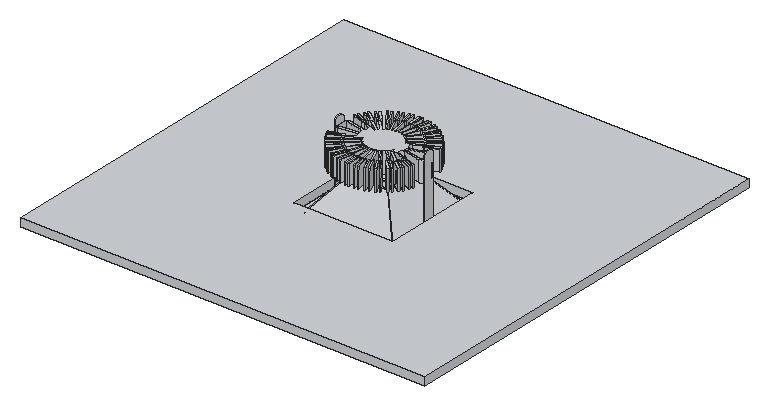
Revit family "Square-X161", category Lighting Fixtures, Revit 2014
Parameters (values of type "Square X161")
  Wattage Comments = "19.5"
  Wattage = 19.5 W
  built-in parameter 1150110 = 1 (stored number, unit not read)
  Type Comments = "Recessed"
  Type = "Tempo X161"
  built-in parameter 1114217 = 1 (stored number, unit not read)
  Tilt Angle = 90.00°
  built-in parameter 1150109 = 1 (stored number, unit not read)
  built-in parameter 1150134 = (empty or 0)
  built-in parameter 1150113 = 1 (stored number, unit not read)
  Photometric Web File = "C7161-XTM.ies"
  Dimension (mm) = "161x161"
  Model = "C87XX, C88XX SERIES"
  Manufacturer = "Designed Architectural Lighting"
  Luminous flux of luminaire (lm) = "2000"
  Lumens = 1998.75 lm
  built-in parameter 1150115 = 1 (stored number, unit not read)
  built-in parameter 1150105 = 159.06 (stored number, unit not read)
  built-in parameter 1150137 = (empty or 0)
  built-in parameter 1150139 = (empty or 0)
  built-in parameter 1150112 = 1 (stored number, unit not read)
  built-in parameter 1150114 = 1 (stored number, unit not read)
  Lamp = "LED"
  built-in parameter 1150132 = (empty or 0)
  built-in parameter 1150102 = (empty or 0)
  built-in parameter 1150138 = (empty or 0)
  built-in parameter 1150107 = 3000 (stored number, unit not read)
  built-in parameter 1150106 = 1.5906 (stored number, unit not read)
  Height (mm) = "110"
  built-in parameter 1150104 = 9.5226 (stored number, unit not read)
  Dimming Lamp Color Temperature Shift = <None>
  Description = "Recessed LED downlighter"
  Cut Out (mm) = "148x148"
  Colour temperature (K) = "2700, 3000, 3500, 4000K"
  Color Filter = 16777215
  CRI = "80"
  built-in parameter 1114218 = 1 (stored number, unit not read)
  built-in parameter 1150133 = 10 (stored number, unit not read)
  Apparent Load = 19.5 VA
  Aperture (mm) = "130x130"
Reference planes
  plane 1 "Light Source Axis (F/B)": y = 0
  plane 2: z = 0
  plane 3 "Light Source Axis (L/R)": x = 0
  plane 4 "Light Source Elevation": z = 0
Forms (mm)
  Extrusion 1, solid
    sketch origin (26.249, 2.013, 0) x (0, 1, 0) y (-1, 0, 0)
      loop
        line (-9.76, -39.191) -> (-9.76, -40.839) -> (5.202, -40.839) -> (5.202, -39.191) -> (-9.76, -39.191)
    from 3.8 to 101.04
  Extrusion 2, solid
    sketch origin (-106.271, 2.013, 0) x (0, 1, 0) y (-1, 0, 0)
      loop
        line (-9.76, -39.191) -> (-9.76, -40.839) -> (5.202, -40.839) -> (5.202, -39.191) -> (-9.76, -39.191)
    from 3.8 to 101.04
  Extrusion 3, solid
    sketch origin (0, 0, 0) x (1, 0, 0) y (0, 1, 0)
      loop
        line (6.664, -49.816) -> (9.797, -67.585)
        arc (9.797, -67.585) -> (10.669, -68.174) -> (11.258, -67.301) r 0.744
        line (11.258, -67.301) -> (8.543, -50.165)
        arc (8.543, -50.165) -> (9.457, -48.81) -> (10.812, -49.724) r 1.156
        line (10.812, -49.724) -> (14.914, -66.649)
        arc (14.914, -66.649) -> (15.891, -67.245) -> (16.487, -66.268) r 0.809
        line (16.487, -66.268) -> (12.17, -48.457)
        arc (12.17, -48.457) -> (11.389, -47.099) -> (10, -46.375) r 2.794
        line (10, -46.375) -> (6.087, -26.242)
        arc (6.087, -26.242) -> (7.029, -24.172) -> (8.966, -25.363) r 1.517
        line (8.966, -25.363) -> (16.661, -44.408)
        arc (16.661, -44.408) -> (15.796, -45.906) -> (15.917, -47.631) r 2.958
        line (15.917, -47.631) -> (22.383, -64.476)
        arc (22.383, -64.476) -> (23.351, -64.887) -> (23.763, -63.919) r 0.744
        line (23.763, -63.919) -> (17.828, -47.615)
        arc (17.828, -47.615) -> (18.467, -46.111) -> (19.971, -46.749) r 1.156
        line (19.971, -46.749) -> (27.227, -62.58)
        arc (27.227, -62.58) -> (28.3, -62.979) -> (28.698, -61.906) r 0.809
        line (28.698, -61.906) -> (21.063, -45.246)
        arc (21.063, -45.246) -> (20.037, -44.062) -> (18.536, -43.616) r 2.794
        line (18.536, -43.616) -> (10.853, -24.601)
        arc (10.853, -24.601) -> (11.598, -22.613) -> (13.641, -23.186) r 1.569
        line (13.641, -23.186) -> (24.828, -40.413)
        arc (24.828, -40.413) -> (24.265, -42.048) -> (24.713, -43.719) r 2.958
        line (24.713, -43.719) -> (34.274, -59.021)
        arc (34.274, -59.021) -> (35.303, -59.239) -> (35.522, -58.21) r 0.744
        line (35.522, -58.21) -> (26.586, -43.338)
        arc (26.586, -43.338) -> (26.926, -41.74) -> (28.525, -42.08) r 1.156
        line (28.525, -42.08) -> (38.668, -56.235)
        arc (38.668, -56.235) -> (39.797, -56.422) -> (39.983, -55.293) r 0.809
        line (39.983, -55.293) -> (29.309, -40.396)
        arc (29.309, -40.396) -> (28.077, -39.43) -> (26.517, -39.278) r 2.794
        line (26.517, -39.278) -> (15.347, -22.078)
        arc (15.347, -22.078) -> (15.616, -19.525) -> (18.168, -19.257) r 2.039
        line (18.168, -19.257) -> (32.552, -34.152)
        arc (32.552, -34.152) -> (32.311, -35.864) -> (33.07, -37.419) r 2.958
        line (33.07, -37.419) -> (45.375, -50.615)
        arc (45.375, -50.615) -> (46.427, -50.633) -> (46.445, -49.582) r 0.744
        line (46.445, -49.582) -> (34.836, -36.688)
        arc (34.836, -36.688) -> (34.864, -35.054) -> (36.498, -35.082) r 1.156
        line (36.498, -35.082) -> (49.156, -47.043)
        arc (49.156, -47.043) -> (50.3, -47.01) -> (50.268, -45.866) r 0.809
        line (50.268, -45.866) -> (36.947, -33.28)
        arc (36.947, -33.28) -> (35.553, -32.567) -> (33.994, -32.716) r 2.794
        line (33.994, -32.716) -> (19.747, -17.963)
        arc (19.747, -17.963) -> (19.711, -15.866) -> (21.801, -15.687) r 1.536
        line (21.801, -15.687) -> (38.627, -27.469)
        arc (38.627, -27.469) -> (38.717, -29.197) -> (39.758, -30.578) r 2.958
        line (39.758, -30.578) -> (54.355, -41.183)
        arc (54.355, -41.183) -> (55.392, -41.001) -> (55.209, -39.965) r 0.744
        line (55.209, -39.965) -> (41.352, -29.523)
        arc (41.352, -29.523) -> (41.069, -27.914) -> (42.678, -27.63) r 1.156
        line (42.678, -27.63) -> (57.386, -36.955)
        arc (57.386, -36.955) -> (58.502, -36.705) -> (58.252, -35.589) r 0.809
        line (58.252, -35.589) -> (42.775, -25.775)
        arc (42.775, -25.775) -> (41.27, -25.341) -> (39.768, -25.785) r 2.794
        line (39.768, -25.785) -> (22.968, -14.021)
        arc (22.968, -14.021) -> (22.469, -12.009) -> (24.393, -11.239) r 1.578
        line (24.393, -11.239) -> (43.158, -19.594)
        arc (43.158, -19.594) -> (43.577, -21.272) -> (44.862, -22.43) r 2.958
        line (44.862, -22.43) -> (61.215, -30.055)
        arc (61.215, -30.055) -> (62.197, -29.678) -> (61.82, -28.696) r 0.744
        line (61.82, -28.696) -> (46.226, -21.09)
        arc (46.226, -21.09) -> (45.64, -19.565) -> (47.166, -18.979) r 1.156
        line (47.166, -18.979) -> (63.383, -25.327)
        arc (63.383, -25.327) -> (64.431, -24.868) -> (63.972, -23.82) r 0.809
        line (63.972, -23.82) -> (46.907, -17.14)
        arc (46.907, -17.14) -> (45.347, -17) -> (43.957, -17.723) r 2.794
        line (43.957, -17.723) -> (31.438, -12.149)
        arc (31.438, -12.149) -> (31.267, -8.471) -> (33.361, -5.443) r 5.752
        line (33.361, -5.443) -> (60.614, -10.248)
        arc (60.614, -10.248) -> (63.736, -9.613) -> (65.586, -7.019) r 4.346
        line (65.586, -7.019) -> (65.586, 7.019)
        arc (65.586, 7.019) -> (63.736, 9.613) -> (60.614, 10.248) r 4.346
        line (60.614, 10.248) -> (33.361, 5.443)
        arc (33.361, 5.443) -> (31.267, 8.471) -> (31.438, 12.149) r 5.752
        line (31.438, 12.149) -> (43.957, 17.723)
        arc (43.957, 17.723) -> (45.347, 17) -> (46.907, 17.14) r 2.794
        line (46.907, 17.14) -> (63.972, 23.82)
        arc (63.972, 23.82) -> (64.431, 24.868) -> (63.383, 25.327) r 0.809
        line (63.383, 25.327) -> (47.166, 18.979)
        arc (47.166, 18.979) -> (45.64, 19.565) -> (46.226, 21.09) r 1.156
        line (46.226, 21.09) -> (61.82, 28.696)
        arc (61.82, 28.696) -> (62.197, 29.678) -> (61.215, 30.055) r 0.744
        line (61.215, 30.055) -> (44.862, 22.43)
        arc (44.862, 22.43) -> (43.577, 21.272) -> (43.158, 19.594) r 2.958
        line (43.158, 19.594) -> (24.393, 11.239)
        arc (24.393, 11.239) -> (22.469, 12.009) -> (22.968, 14.021) r 1.578
        line (22.968, 14.021) -> (39.768, 25.785)
        arc (39.768, 25.785) -> (41.27, 25.341) -> (42.775, 25.775) r 2.794
        line (42.775, 25.775) -> (58.252, 35.589)
        arc (58.252, 35.589) -> (58.502, 36.705) -> (57.386, 36.955) r 0.809
        line (57.386, 36.955) -> (42.678, 27.63)
        arc (42.678, 27.63) -> (41.069, 27.914) -> (41.352, 29.523) r 1.156
        line (41.352, 29.523) -> (55.209, 39.965)
        arc (55.209, 39.965) -> (55.392, 41.001) -> (54.355, 41.183) r 0.744
        line (54.355, 41.183) -> (39.758, 30.578)
        arc (39.758, 30.578) -> (38.717, 29.197) -> (38.627, 27.469) r 2.958
        line (38.627, 27.469) -> (21.801, 15.687)
        arc (21.801, 15.687) -> (19.711, 15.866) -> (19.747, 17.963) r 1.536
        line (19.747, 17.963) -> (33.994, 32.716)
        arc (33.994, 32.716) -> (35.553, 32.567) -> (36.947, 33.28) r 2.794
        line (36.947, 33.28) -> (50.268, 45.866)
        arc (50.268, 45.866) -> (50.3, 47.01) -> (49.156, 47.043) r 0.809
        line (49.156, 47.043) -> (36.498, 35.082)
        arc (36.498, 35.082) -> (34.864, 35.054) -> (34.836, 36.688) r 1.156
        line (34.836, 36.688) -> (46.445, 49.582)
        arc (46.445, 49.582) -> (46.427, 50.633) -> (45.375, 50.615) r 0.744
        line (45.375, 50.615) -> (33.07, 37.419)
        arc (33.07, 37.419) -> (32.311, 35.864) -> (32.552, 34.152) r 2.958
        line (32.552, 34.152) -> (18.168, 19.257)
        arc (18.168, 19.257) -> (15.616, 19.525) -> (15.347, 22.078) r 2.039
        line (15.347, 22.078) -> (26.517, 39.278)
        arc (26.517, 39.278) -> (28.077, 39.43) -> (29.309, 40.396) r 2.794
        line (29.309, 40.396) -> (39.983, 55.293)
        arc (39.983, 55.293) -> (39.797, 56.422) -> (38.668, 56.235) r 0.809
        line (38.668, 56.235) -> (28.525, 42.08)
        arc (28.525, 42.08) -> (26.926, 41.74) -> (26.586, 43.338) r 1.156
        line (26.586, 43.338) -> (35.522, 58.21)
        arc (35.522, 58.21) -> (35.303, 59.239) -> (34.274, 59.021) r 0.744
        line (34.274, 59.021) -> (24.713, 43.719)
        arc (24.713, 43.719) -> (24.265, 42.048) -> (24.828, 40.413) r 2.958
        line (24.828, 40.413) -> (13.641, 23.186)
        arc (13.641, 23.186) -> (11.598, 22.613) -> (10.853, 24.601) r 1.569
        line (10.853, 24.601) -> (18.536, 43.616)
        arc (18.536, 43.616) -> (20.037, 44.062) -> (21.063, 45.246) r 2.794
        line (21.063, 45.246) -> (28.698, 61.906)
        arc (28.698, 61.906) -> (28.3, 62.979) -> (27.227, 62.58) r 0.809
        line (27.227, 62.58) -> (19.971, 46.749)
        arc (19.971, 46.749) -> (18.467, 46.111) -> (17.828, 47.615) r 1.156
        line (17.828, 47.615) -> (23.763, 63.919)
        arc (23.763, 63.919) -> (23.351, 64.887) -> (22.383, 64.476) r 0.744
        line (22.383, 64.476) -> (15.917, 47.631)
        arc (15.917, 47.631) -> (15.796, 45.906) -> (16.661, 44.408) r 2.958
        line (16.661, 44.408) -> (8.966, 25.363)
        arc (8.966, 25.363) -> (7.029, 24.172) -> (6.087, 26.242) r 1.517
        line (6.087, 26.242) -> (10, 46.375)
        arc (10, 46.375) -> (11.389, 47.099) -> (12.17, 48.457) r 2.794
        line (12.17, 48.457) -> (16.487, 66.268)
        arc (16.487, 66.268) -> (15.891, 67.245) -> (14.914, 66.649) r 0.809
        line (14.914, 66.649) -> (10.812, 49.724)
        arc (10.812, 49.724) -> (9.457, 48.81) -> (8.543, 50.165) r 1.156
        line (8.543, 50.165) -> (11.258, 67.301)
        arc (11.258, 67.301) -> (10.669, 68.174) -> (9.797, 67.585) r 0.744
        line (9.797, 67.585) -> (6.664, 49.816)
        arc (6.664, 49.816) -> (6.875, 48.099) -> (8.009, 46.794) r 2.958
        line (8.009, 46.794) -> (4.11, 26.732)
        arc (4.11, 26.732) -> (2.621, 25.243) -> (1.133, 26.732) r 1.489
        line (1.133, 26.732) -> (1.133, 47.273)
        arc (1.133, 47.273) -> (2.496, 48.338) -> (3.03, 49.983) r 2.958
        line (3.03, 49.983) -> (3.345, 68.023)
        arc (3.345, 68.023) -> (2.601, 68.767) -> (1.857, 68.023) r 0.744
        line (1.857, 68.023) -> (1.252, 50.684)
        arc (1.252, 50.684) -> (0.096, 49.528) -> (-1.059, 50.684) r 1.156
        line (-1.059, 50.684) -> (-1.856, 68.08)
        arc (-1.856, 68.08) -> (-2.702, 68.851) -> (-3.473, 68.006) r 0.809
        line (-3.473, 68.006) -> (-2.634, 49.699)
        arc (-2.634, 49.699) -> (-2.127, 48.217) -> (-0.902, 47.241) r 2.794
        line (-0.902, 47.241) -> (-0.902, 26.631)
        arc (-0.902, 26.631) -> (-2.496, 25.036) -> (-4.09, 26.631) r 1.594
        line (-4.09, 26.631) -> (-8.009, 46.794)
        arc (-8.009, 46.794) -> (-6.875, 48.099) -> (-6.664, 49.816) r 2.958
        line (-6.664, 49.816) -> (-9.797, 67.585)
        arc (-9.797, 67.585) -> (-10.669, 68.174) -> (-11.258, 67.301) r 0.744
        line (-11.258, 67.301) -> (-8.543, 50.165)
        arc (-8.543, 50.165) -> (-9.457, 48.81) -> (-10.812, 49.724) r 1.156
        line (-10.812, 49.724) -> (-14.914, 66.649)
        arc (-14.914, 66.649) -> (-15.891, 67.245) -> (-16.487, 66.268) r 0.809
        line (-16.487, 66.268) -> (-12.17, 48.457)
        arc (-12.17, 48.457) -> (-11.389, 47.099) -> (-10, 46.375) r 2.794
        line (-10, 46.375) -> (-6.087, 26.242)
        arc (-6.087, 26.242) -> (-7.021, 24.149) -> (-8.966, 25.363) r 1.52
        line (-8.966, 25.363) -> (-16.661, 44.408)
        arc (-16.661, 44.408) -> (-15.796, 45.906) -> (-15.917, 47.631) r 2.958
        line (-15.917, 47.631) -> (-22.383, 64.476)
        arc (-22.383, 64.476) -> (-23.351, 64.887) -> (-23.763, 63.919) r 0.744
        line (-23.763, 63.919) -> (-17.828, 47.615)
        arc (-17.828, 47.615) -> (-18.467, 46.111) -> (-19.971, 46.749) r 1.156
        line (-19.971, 46.749) -> (-27.227, 62.58)
        arc (-27.227, 62.58) -> (-28.3, 62.979) -> (-28.698, 61.906) r 0.809
        line (-28.698, 61.906) -> (-21.063, 45.246)
        arc (-21.063, 45.246) -> (-20.037, 44.062) -> (-18.536, 43.616) r 2.794
        line (-18.536, 43.616) -> (-10.853, 24.601)
        arc (-10.853, 24.601) -> (-11.463, 22.348) -> (-13.641, 23.186) r 1.572
        line (-13.641, 23.186) -> (-24.828, 40.413)
        arc (-24.828, 40.413) -> (-24.265, 42.048) -> (-24.713, 43.719) r 2.958
        line (-24.713, 43.719) -> (-34.274, 59.021)
        arc (-34.274, 59.021) -> (-35.303, 59.239) -> (-35.522, 58.21) r 0.744
        line (-35.522, 58.21) -> (-26.586, 43.338)
        arc (-26.586, 43.338) -> (-26.926, 41.74) -> (-28.525, 42.08) r 1.156
        line (-28.525, 42.08) -> (-38.668, 56.235)
        arc (-38.668, 56.235) -> (-39.797, 56.422) -> (-39.983, 55.293) r 0.809
        line (-39.983, 55.293) -> (-29.309, 40.396)
        arc (-29.309, 40.396) -> (-28.077, 39.43) -> (-26.517, 39.278) r 2.794
        line (-26.517, 39.278) -> (-15.347, 22.078)
        arc (-15.347, 22.078) -> (-15.464, 19.259) -> (-18.283, 19.376) r 1.995
        line (-18.283, 19.376) -> (-32.552, 34.152)
        arc (-32.552, 34.152) -> (-32.311, 35.864) -> (-33.07, 37.419) r 2.958
        line (-33.07, 37.419) -> (-45.375, 50.615)
        arc (-45.375, 50.615) -> (-46.427, 50.633) -> (-46.445, 49.582) r 0.744
        line (-46.445, 49.582) -> (-34.836, 36.688)
        arc (-34.836, 36.688) -> (-34.864, 35.054) -> (-36.498, 35.082) r 1.156
        line (-36.498, 35.082) -> (-49.156, 47.043)
        arc (-49.156, 47.043) -> (-50.3, 47.01) -> (-50.268, 45.866) r 0.809
        line (-50.268, 45.866) -> (-36.947, 33.28)
        arc (-36.947, 33.28) -> (-35.553, 32.567) -> (-33.994, 32.716) r 2.794
        line (-33.994, 32.716) -> (-19.747, 17.963)
        arc (-19.747, 17.963) -> (-19.769, 15.918) -> (-21.801, 15.687) r 1.544
        line (-21.801, 15.687) -> (-38.627, 27.469)
        arc (-38.627, 27.469) -> (-38.717, 29.197) -> (-39.758, 30.578) r 2.958
        line (-39.758, 30.578) -> (-54.355, 41.183)
        arc (-54.355, 41.183) -> (-55.392, 41.001) -> (-55.209, 39.965) r 0.744
        line (-55.209, 39.965) -> (-41.352, 29.523)
        arc (-41.352, 29.523) -> (-41.069, 27.914) -> (-42.678, 27.63) r 1.156
        line (-42.678, 27.63) -> (-57.386, 36.955)
        arc (-57.386, 36.955) -> (-58.502, 36.705) -> (-58.252, 35.589) r 0.809
        line (-58.252, 35.589) -> (-42.775, 25.775)
        arc (-42.775, 25.775) -> (-41.27, 25.341) -> (-39.768, 25.785) r 2.794
        line (-39.768, 25.785) -> (-23.019, 14.057)
        arc (-23.019, 14.057) -> (-22.346, 11.985) -> (-24.393, 11.239) r 1.568
        line (-24.393, 11.239) -> (-43.158, 19.594)
        arc (-43.158, 19.594) -> (-43.577, 21.272) -> (-44.862, 22.43) r 2.958
        line (-44.862, 22.43) -> (-61.215, 30.055)
        arc (-61.215, 30.055) -> (-62.197, 29.678) -> (-61.82, 28.696) r 0.744
        line (-61.82, 28.696) -> (-46.226, 21.09)
        arc (-46.226, 21.09) -> (-45.64, 19.565) -> (-47.166, 18.979) r 1.156
        line (-47.166, 18.979) -> (-63.383, 25.327)
        arc (-63.383, 25.327) -> (-64.431, 24.868) -> (-63.972, 23.82) r 0.809
        line (-63.972, 23.82) -> (-46.907, 17.14)
        arc (-46.907, 17.14) -> (-45.347, 17) -> (-43.957, 17.723) r 2.794
        line (-43.957, 17.723) -> (-31.269, 12.074)
        arc (-31.269, 12.074) -> (-31.503, 8.573) -> (-32.598, 5.239) r 14.046
        line (-32.598, 5.239) -> (-59.312, 10.432)
        arc (-59.312, 10.432) -> (-62.715, 10.104) -> (-65.39, 7.976) r 6.018
        line (-65.39, 7.976) -> (-65.39, 3.599) -> (-65.39, -3.599) -> (-65.39, -7.976)
        arc (-65.39, -7.976) -> (-62.715, -10.104) -> (-59.312, -10.432) r 6.018
        line (-59.312, -10.432) -> (-32.598, -5.239)
        arc (-32.598, -5.239) -> (-31.503, -8.573) -> (-31.269, -12.074) r 14.046
        line (-31.269, -12.074) -> (-43.957, -17.723)
        arc (-43.957, -17.723) -> (-45.347, -17) -> (-46.907, -17.14) r 2.794
        line (-46.907, -17.14) -> (-63.972, -23.82)
        arc (-63.972, -23.82) -> (-64.431, -24.868) -> (-63.383, -25.327) r 0.809
        line (-63.383, -25.327) -> (-47.166, -18.979)
        arc (-47.166, -18.979) -> (-45.64, -19.565) -> (-46.226, -21.09) r 1.156
        line (-46.226, -21.09) -> (-61.82, -28.696)
        arc (-61.82, -28.696) -> (-62.197, -29.678) -> (-61.215, -30.055) r 0.744
        line (-61.215, -30.055) -> (-44.862, -22.43)
        arc (-44.862, -22.43) -> (-43.577, -21.272) -> (-43.158, -19.594) r 2.958
        line (-43.158, -19.594) -> (-24.393, -11.239)
        arc (-24.393, -11.239) -> (-22.346, -11.985) -> (-23.019, -14.057) r 1.568
        line (-23.019, -14.057) -> (-39.768, -25.785)
        arc (-39.768, -25.785) -> (-41.27, -25.341) -> (-42.775, -25.775) r 2.794
        line (-42.775, -25.775) -> (-58.252, -35.589)
        arc (-58.252, -35.589) -> (-58.502, -36.705) -> (-57.386, -36.955) r 0.809
        line (-57.386, -36.955) -> (-42.678, -27.63)
        arc (-42.678, -27.63) -> (-41.069, -27.914) -> (-41.352, -29.523) r 1.156
        line (-41.352, -29.523) -> (-55.209, -39.965)
        arc (-55.209, -39.965) -> (-55.392, -41.001) -> (-54.355, -41.183) r 0.744
        line (-54.355, -41.183) -> (-39.758, -30.578)
        arc (-39.758, -30.578) -> (-38.717, -29.197) -> (-38.627, -27.469) r 2.958
        line (-38.627, -27.469) -> (-21.801, -15.687)
        arc (-21.801, -15.687) -> (-19.769, -15.918) -> (-19.747, -17.963) r 1.544
        line (-19.747, -17.963) -> (-33.994, -32.716)
        arc (-33.994, -32.716) -> (-35.553, -32.567) -> (-36.947, -33.28) r 2.794
        line (-36.947, -33.28) -> (-50.268, -45.866)
        arc (-50.268, -45.866) -> (-50.3, -47.01) -> (-49.156, -47.043) r 0.809
        line (-49.156, -47.043) -> (-36.498, -35.082)
        arc (-36.498, -35.082) -> (-34.864, -35.054) -> (-34.836, -36.688) r 1.156
        line (-34.836, -36.688) -> (-46.445, -49.582)
        arc (-46.445, -49.582) -> (-46.427, -50.633) -> (-45.375, -50.615) r 0.744
        line (-45.375, -50.615) -> (-33.07, -37.419)
        arc (-33.07, -37.419) -> (-32.311, -35.864) -> (-32.552, -34.152) r 2.958
        line (-32.552, -34.152) -> (-18.283, -19.376)
        arc (-18.283, -19.376) -> (-15.464, -19.259) -> (-15.347, -22.078) r 1.995
        line (-15.347, -22.078) -> (-26.517, -39.278)
        arc (-26.517, -39.278) -> (-28.077, -39.43) -> (-29.309, -40.396) r 2.794
        line (-29.309, -40.396) -> (-39.983, -55.293)
        arc (-39.983, -55.293) -> (-39.797, -56.422) -> (-38.668, -56.235) r 0.809
        line (-38.668, -56.235) -> (-28.525, -42.08)
        arc (-28.525, -42.08) -> (-26.926, -41.74) -> (-26.586, -43.338) r 1.156
        line (-26.586, -43.338) -> (-35.522, -58.21)
        arc (-35.522, -58.21) -> (-35.303, -59.239) -> (-34.274, -59.021) r 0.744
        line (-34.274, -59.021) -> (-24.713, -43.719)
        arc (-24.713, -43.719) -> (-24.265, -42.048) -> (-24.828, -40.413) r 2.958
        line (-24.828, -40.413) -> (-13.641, -23.186)
        arc (-13.641, -23.186) -> (-11.463, -22.348) -> (-10.853, -24.601) r 1.572
        line (-10.853, -24.601) -> (-18.536, -43.616)
        arc (-18.536, -43.616) -> (-20.037, -44.062) -> (-21.063, -45.246) r 2.794
        line (-21.063, -45.246) -> (-28.698, -61.906)
        arc (-28.698, -61.906) -> (-28.3, -62.979) -> (-27.227, -62.58) r 0.809
        line (-27.227, -62.58) -> (-19.971, -46.749)
        arc (-19.971, -46.749) -> (-18.467, -46.111) -> (-17.828, -47.615) r 1.156
        line (-17.828, -47.615) -> (-23.763, -63.919)
        arc (-23.763, -63.919) -> (-23.351, -64.887) -> (-22.383, -64.476) r 0.744
        line (-22.383, -64.476) -> (-15.917, -47.631)
        arc (-15.917, -47.631) -> (-15.796, -45.906) -> (-16.661, -44.408) r 2.958
        line (-16.661, -44.408) -> (-8.966, -25.363)
        arc (-8.966, -25.363) -> (-7.021, -24.149) -> (-6.087, -26.242) r 1.52
        line (-6.087, -26.242) -> (-10, -46.375)
        arc (-10, -46.375) -> (-11.389, -47.099) -> (-12.17, -48.457) r 2.794
        line (-12.17, -48.457) -> (-16.487, -66.268)
        arc (-16.487, -66.268) -> (-15.891, -67.245) -> (-14.914, -66.649) r 0.809
        line (-14.914, -66.649) -> (-10.812, -49.724)
        arc (-10.812, -49.724) -> (-9.457, -48.81) -> (-8.543, -50.165) r 1.156
        line (-8.543, -50.165) -> (-11.258, -67.301)
        arc (-11.258, -67.301) -> (-10.669, -68.174) -> (-9.797, -67.585) r 0.744
        line (-9.797, -67.585) -> (-6.664, -49.816)
        arc (-6.664, -49.816) -> (-6.875, -48.099) -> (-8.009, -46.794) r 2.958
        line (-8.009, -46.794) -> (-4.09, -26.631)
        arc (-4.09, -26.631) -> (-2.496, -25.036) -> (-0.902, -26.631) r 1.594
        line (-0.902, -26.631) -> (-0.902, -47.241)
        arc (-0.902, -47.241) -> (-2.127, -48.217) -> (-2.634, -49.699) r 2.794
        line (-2.634, -49.699) -> (-3.473, -68.006)
        arc (-3.473, -68.006) -> (-2.702, -68.851) -> (-1.856, -68.08) r 0.809
        line (-1.856, -68.08) -> (-1.059, -50.684)
        arc (-1.059, -50.684) -> (0.096, -49.528) -> (1.252, -50.684) r 1.156
        line (1.252, -50.684) -> (1.857, -68.023)
        arc (1.857, -68.023) -> (2.601, -68.767) -> (3.345, -68.023) r 0.744
        line (3.345, -68.023) -> (3.03, -49.983)
        arc (3.03, -49.983) -> (2.496, -48.338) -> (1.133, -47.273) r 2.958
        line (1.133, -47.273) -> (1.133, -26.732)
        arc (1.133, -26.732) -> (2.621, -25.243) -> (4.11, -26.732) r 1.489
        line (4.11, -26.732) -> (8.009, -46.794)
        arc (8.009, -46.794) -> (6.875, -48.099) -> (6.664, -49.816) r 2.958
      loop
        line (33.87, -2.936) -> (62.854, -8.047) -> (62.854, 8.047) -> (33.87, 2.936)
        arc (33.87, 2.936) -> (33.153, 0) -> (33.87, -2.936) r 6.371
      loop
        arc (-33.915, -3.014) -> (-33.296, 0) -> (-33.915, 3.014) r 7.653
        line (-33.915, 3.014) -> (-62.757, 7.583) -> (-62.757, -7.583) -> (-33.915, -3.014)
    from 60.596 to 90.466
  Extrusion 4, void
    sketch origin (0, 0, -10.415) x (0, 1, 0) y (0, 0, 1)
      loop
        line (7.215, 105.671) -> (8.36, 105.671) -> (8.36, 113.252) -> (-8.843, 113.252) -> (-8.843, 105.671) -> (-7.747, 105.671)
        arc (-7.747, 105.671) -> (-0.266, 111.774) -> (7.215, 105.671) r 7.636
    from 59.955 to 69.49
  Extrusion 5, void
    sketch origin (0, 0.001, -10.544) x (0, 1, 0) y (0, 0, 1)
      loop
        line (7.215, 105.671) -> (8.36, 105.671) -> (8.36, 113.253) -> (-8.843, 113.253) -> (-8.843, 105.671) -> (-7.747, 105.671)
        arc (-7.747, 105.671) -> (-0.266, 111.774) -> (7.215, 105.671) r 7.636
    from -71.118 to -62.757
  Extrusion 6, solid
    sketch origin (0, 0, 0) x (1, 0, 0) y (0, 1, 0)
      loop
        line (-298.853, 299.394) -> (-298.853, -300.606) -> (301.147, -300.606) -> (301.147, 299.394) -> (-298.853, 299.394)
      loop
        line (-74.06, 73.05) -> (-74.06, -73.95) -> (72.94, -73.95) -> (72.94, 73.05) -> (-74.06, 73.05)
    from 2.117 to 14.117
  Revolve 7, solid
    sketch origin (0, 0, 0) x (1, 0, 0) y (0, 0, 1)
      loop
        line (24.83, 53.411) -> (23.351, 53.411)
        arc (23.351, 53.411) -> (17.038, 66.275) -> (12.642, 79.915) r 99.286
        line (12.642, 79.915) -> (10.419, 79.915)
        arc (10.419, 79.915) -> (15.625, 65.268) -> (22.545, 51.348) r 129.713
        line (22.545, 51.348) -> (24.83, 51.348) -> (24.83, 53.411)
      axis (0, 79.915) -> (0, 51.348)
    angle from 0 to 360
  Extrusion 8, solid
    sketch origin (27.759, 0, 48.592) x (-0.62932, 0, 0.777146) y (0, 1, 0)
      loop
        line (-62.698, -66.937) -> (-2.094, -28.758) -> (-2.094, 28.865) -> (-62.698, 67.131) -> (-62.698, -66.937)
    from 0 to 0.2
  Extrusion 9, solid
    sketch origin (0.05, 27.561, 48.592) x (0.002087, -0.629317, 0.777146) y (-0.999995, -0.003316, 0)
      loop
        line (-62.397, -67.144) -> (-2.094, -29.068) -> (-2.214, 28.558) -> (-62.397, 66.882) -> (-62.397, -67.144)
    from 0 to 0.2
  Extrusion 10, solid
    sketch origin (-0.012, -27.593, 48.592) x (0, 0.62932, 0.777146) y (1, 0, 0)
      loop
        line (-62.698, -66.937) -> (-2.094, -28.687) -> (-2.094, 28.865) -> (-62.698, 67.131) -> (-62.698, -66.937)
    from 0 to 0.2
  Extrusion 11, solid
    sketch origin (-27.571, 0.022, 48.592) x (0.62932, 0, 0.777146) y (0, -1, 0)
      loop
        line (-62.698, -66.937) -> (-2.094, -28.924) -> (-2.094, 28.865) -> (-62.698, 67.131) -> (-62.698, -66.937)
    from 0 to 0.2
  Extrusion 12, solid
    sketch origin (0, 0, 0) x (1, 0, 0) y (0, 1, 0)
      loop
        line (-80.522, 80.325) -> (-80.522, -80.886) -> (80.683, -80.886) -> (80.683, 80.325) -> (-80.522, 80.325)
      loop
        line (-74.06, 73.05) -> (-74.06, -73.95) -> (72.94, -73.95) -> (72.94, 73.05) -> (-74.06, 73.05)
    from 0 to 2
  Extrusion 13, solid
    sketch origin (0, 0, 0) x (1, 0, 0) y (0, 1, 0)
      loop
        line (-74.06, 73.05) -> (-74.06, -73.95) -> (72.94, -73.95) -> (72.94, 73.05) -> (-74.06, 73.05)
      loop
        line (-66.873, 66.959) -> (-66.873, -66.894) -> (67.119, -66.894) -> (67.119, 66.959) -> (-66.873, 66.959)
    from 0 to 2
  Extrusion 14, solid
    sketch origin (0, 0, 0) x (1, 0, 0) y (0, 1, 0)
      loop
        line (-28.889, 28.946) -> (-28.889, -28.758) -> (29.077, -28.758) -> (29.077, 28.946) -> (-28.889, 28.946)
      loop
        circle (0, 0) r 25
    from 46.793 to 48.793
Cuts and joins
  Extrusion 4 cuts Extrusion 1
  Extrusion 5 cuts Extrusion 2
Dimensions and locks
  aligned and locked: plane 3 "Light Source Axis (L/R)" to imposter light
  aligned and locked: plane 1 "Light Source Axis (F/B)" to imposter light
  aligned and locked: plane 4 "Light Source Elevation" to imposter light
  aligned and locked: level to plane 2
